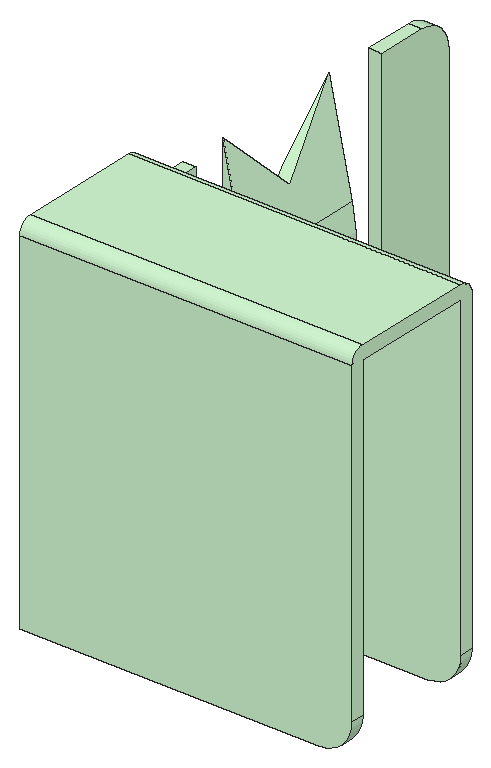
Revit family "点検口T+アクセス右", category 機械設備, Revit 2020
Family settings
  丸型コネクタ寸法 = 直径を使用
  種別 = なし
  パーツ タイプ = 標準
  作業面ベース = いいえ
  常に垂直 = はい
  ロード時にボイドで切り取り = いいえ
  共有 = いいえ
  部屋計算ポイント = いいえ
Parameters
  製造元 = "株式会社桐井製作所"
  既定の高さ = 0 mm
  URL = "https://www.kirii.co.jp/"
  K_材質 = "溶融亜鉛めっき鋼板及び鋼帯 SGCC 一般用"
  K_品名 = "点検口T+アクセス右"
  K_名称 = "点検口金具"
  K_入数 = "1500"
  K_バージョン情報 = "20220915"
  K_めっき付着量 = "Z12"
  K_JIS規格 = "JIS G 3302"
Reference planes
  plane 1 "中心(正面/背面)": y = 0
  plane 2: z = 0
  plane 3 "中心(左/右)": x = 0
Forms (mm)
  Extrusion 1, solid
    sketch origin (0, 0.2, 0) x (0, 1, 0) y (0, 0, -1)
      loop
        line (3.5, -2.5) -> (3.5, -23.7) -> (-3.9, -23.7) -> (-3.9, -2.5) -> (-4.7, -2.5) -> (-4.7, -23.7)
        arc (-4.7, -23.7) -> (-4.466, -24.266) -> (-3.9, -24.5) r 0.8
        line (-3.9, -24.5) -> (3.5, -24.5)
        arc (3.5, -24.5) -> (4.066, -24.266) -> (4.3, -23.7) r 0.8
        line (4.3, -23.7) -> (4.3, -2.5) -> (3.5, -2.5)
    from -25 to -5
  Extrusion 2, void
    sketch origin (0, -7.8, 0) x (1, 0, 0) y (0, 0, 1)
      loop
        line (25, 2.5) -> (25, 4.5)
        arc (25, 4.5) -> (24.414, 3.086) -> (23, 2.5) r 2
        line (23, 2.5) -> (25, 2.5)
    from -4.1 to -3.3
  Extrusion 3, solid
    sketch origin (-0.18, 0.2, 0) x (1, 0, 0) y (0, 0, -1)
      loop
        line (0.98, -17.8) -> (0.98, 0) -> (0.18, 0) -> (0.18, -17.8) -> (0.98, -17.8)
    from 4.3 to 32.8
  Extrusion 4, void
    sketch origin (0, 0.4, 0) x (1, 0, 0) y (0, 0, 1)
      loop
        line (25, 2.5) -> (25, 4.5)
        arc (25, 4.5) -> (24.414, 3.086) -> (23, 2.5) r 2
        line (23, 2.5) -> (25, 2.5)
    from -4.1 to -3.3
  Extrusion 5, void
    sketch origin (0, 0.2, 0) x (0, 1, 0) y (0, 0, 1)
      loop
        line (13.8, 17.8) -> (13.8, 5) -> (27.8, 5) -> (27.8, 17.8) -> (13.8, 17.8)
    from 0 to 0.8
  Extrusion 6, void
    sketch origin (0, 0.2, 0) x (0, 1, 0) y (0, 0, 1)
      loop
        line (10.8, 17.8) -> (4.3, 17.8) -> (4.3, 14) -> (8.8, 14) -> (8.8, 15.8)
        arc (8.8, 15.8) -> (9.386, 17.214) -> (10.8, 17.8) r 2
      loop
        line (8.864, 2.5) -> (4.3, 2.5) -> (4.3, 0) -> (10.8, 0)
        arc (10.8, 0) -> (9.219, 0.775) -> (8.864, 2.5) r 2
      loop
        line (32.8, 17.8) -> (30.8, 17.8)
        arc (30.8, 17.8) -> (32.214, 17.214) -> (32.8, 15.8) r 2
        line (32.8, 15.8) -> (32.8, 17.8)
      loop
        line (30.8, 0) -> (32.8, 0) -> (32.8, 2)
        arc (32.8, 2) -> (32.214, 0.586) -> (30.8, 0) r 2
    from 0 to 0.8
  Extrusion 7, solid
    sketch origin (-0.876, 0.2, 0) x (1, 0, 0) y (0, 0, 1)
      loop
        line (0.876, 5) -> (1.676, 5)
        arc (1.676, 5) -> (2.476, 8.097) -> (2.258, 11.287) r 10
        line (2.258, 11.287) -> (0.876, 17.8) -> (0.876, 14.247) -> (1.533, 11.151)
        arc (1.533, 11.151) -> (1.725, 8.02) -> (0.876, 5) r 9.4
    from -24.8 to -16.8
  Extrusion 8, void
    sketch origin (-0.876, 0.2, 0) x (0, 1, 0) y (0, 0, 1)
      loop
        line (24.8, 17.8) -> (16.8, 17.8) -> (20.8, 13.8) -> (24.8, 17.8)
    from 0.695 to 1.797
  Extrusion 9, solid
    sketch origin (0, 0, 0) x (1, 0, 0) y (0, 0, 1)
      loop
        line (5, 2.554) -> (5, 14) -> (0, 14) -> (0, 2.554) -> (5, 2.554)
    from -4.5 to -3.7
Cuts and joins
  Extrusion 2, Extrusion 4 cuts Extrusion 1
  Extrusion 5, Extrusion 6 cuts Extrusion 3
  Extrusion 8 cuts Extrusion 7
  joined: Extrusion 1, Extrusion 3, Extrusion 7, Extrusion 9
Dimensions and locks
  aligned and locked: level to plane 2
